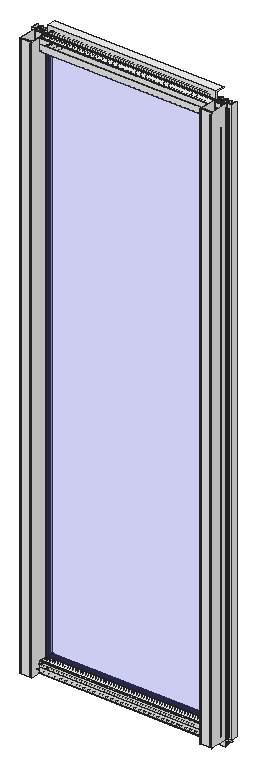
Revit family "Facade_60_Curtain_Wall_E11_Custom", category Windows, host Wall, Revit 2014 (continued)
Definition of nested family "F60 Vertical Profile Side_E11_Cust"
  Automatic sketch dimensions
    Extrusion 11 sketch curve to Extrusion 11 sketch curve = 1.079 mm
    Extrusion 11 sketch curve to Extrusion 11 sketch curve = 1.317 mm  (x2)
    Extrusion 11 sketch curve to Extrusion 11 sketch curve = 0 mm  (x3)
    plane 3 "Center (Left/Right)" to Extrusion 11 sketch curve = 3.85 mm
    Extrusion 11 sketch curve to Extrusion 11 sketch curve = 0.15 mm  (x2)
    Extrusion 11 sketch curve to Extrusion 11 sketch curve = 26 mm  (x2)
    Extrusion 11 sketch curve to Extrusion 11 sketch curve = 1.05 mm
    Extrusion 11 sketch curve to Extrusion 11 sketch curve = 0.707 mm
    Extrusion 11 sketch curve to Extrusion 11 sketch curve = 0.433 mm
    plane 1 "Center (Front/Back)" to Extrusion 11 sketch curve = 31.288 mm
    plane 1 "Center (Front/Back)" to Extrusion 11 sketch curve = 28.065 mm
    Extrusion 11 sketch curve to Extrusion 11 sketch curve = 1.314 mm
    Extrusion 11 sketch curve to Extrusion 11 sketch curve = 0.65 mm
    Extrusion 11 sketch curve to Extrusion 11 sketch curve = 0.5 mm  (x2)
    plane 1 "Center (Front/Back)" to Extrusion 11 sketch curve = 32.75 mm
    Extrusion 11 sketch curve to Extrusion 11 sketch curve = 0.1 mm  (x3)
    Extrusion 11 sketch curve to Extrusion 11 sketch curve = 1.1 mm  (x2)
    Extrusion 11 sketch curve to Extrusion 11 sketch curve = 8.608 mm
    Extrusion 11 sketch curve to Extrusion 11 sketch curve = 0.962 mm
    Extrusion 12 sketch curve to plane 3 "Center (Left/Right)" = 21.349 mm
    Extrusion 12 sketch curve to Extrusion 12 sketch curve = 6.35 mm
    plane 3 "Center (Left/Right)" to Extrusion 12 sketch curve = 10.403 mm
    plane 1 "Center (Front/Back)" to Extrusion 12 sketch curve = 35.567 mm
    plane 1 "Center (Front/Back)" to Extrusion 12 sketch curve = 10.171 mm
    plane 1 "Center (Front/Back)" to Extrusion 12 sketch curve = 3.821 mm
    Extrusion 13 sketch curve to plane 3 "Center (Left/Right)" = 21.35 mm
    Extrusion 13 sketch curve to Extrusion 13 sketch curve = 6.35 mm
    plane 3 "Center (Left/Right)" to Extrusion 13 sketch curve = 10.402 mm
    plane 1 "Center (Front/Back)" to Extrusion 13 sketch curve = 33.172 mm
    plane 1 "Center (Front/Back)" to Extrusion 13 sketch curve = 7.775 mm
    plane 1 "Center (Front/Back)" to Extrusion 13 sketch curve = 1.425 mm
    Extrusion 14 sketch curve to plane 3 "Center (Left/Right)" = 0 mm
    plane 3 "Center (Left/Right)" to Extrusion 14 sketch curve = 1.2 mm
    Extrusion 14 sketch curve to Extrusion 14 sketch curve = 9.6 mm
    Extrusion 14 sketch curve to Extrusion 14 sketch curve = 1.2 mm  (x3)
    plane 1 "Center (Front/Back)" to Extrusion 14 sketch curve = 25.775 mm
    plane 1 "Center (Front/Back)" to Extrusion 14 sketch curve = 8.975 mm
    curve 4 to Extrusion 6 = 0 mm
    curve 3 to Extrusion 6 = 0 mm
    curve 1 to Extrusion 6 = 0 mm
    curve 4 to Extrusion 6 = 3.6 mm
    curve 3 to Extrusion 6 = 3.6 mm
    curve 1 to Extrusion 6 = 3.6 mm
    Extrusion 6 to curve 2 = 1 mm
    Extrusion 6 to curve 5 = 1 mm
    Extrusion 6 to curve 6 = 1 mm
    curve 6 to Extrusion 6 = 1 mm
    curve 5 to Extrusion 6 = 1 mm
    curve 2 to Extrusion 6 = 1 mm
    curve 9 to Extrusion 6 = 0 mm
    curve 8 to Extrusion 6 = 0 mm
    curve 7 to Extrusion 6 = 0 mm
    Extrusion 6 to curve 8 = 3.6 mm
    Extrusion 6 to curve 9 = 3.6 mm
    Extrusion 6 to curve 7 = 3.6 mm
    curve 12 to Extrusion 5 = 25.894 mm
    curve 11 to Extrusion 5 = 25.894 mm
    curve 10 to Extrusion 5 = 25.894 mm
    curve 10 to Extrusion 5 = 0.108 mm
    Extrusion 5 to curve 12 = 0.703 mm
    Extrusion 5 to curve 11 = 0.703 mm
    curve 13 to Extrusion 5 = 4 mm
    curve 14 to Extrusion 5 = 4 mm
    curve 15 to Extrusion 5 = 4 mm
    Extrusion 5 to curve 15 = 0.702 mm
    Extrusion 5 to curve 14 = 0.702 mm
    Extrusion 5 to curve 13 = 0.702 mm
    curve 18 to Extrusion 7 = 0 mm
    curve 17 to Extrusion 7 = 0 mm
    curve 16 to Extrusion 7 = 0 mm
    Extrusion 7 to curve 17 = 3.6 mm
    Extrusion 7 to curve 18 = 3.6 mm
    Extrusion 7 to curve 16 = 3.6 mm
    Extrusion 7 to curve 21 = 1 mm  (x2)
    Extrusion 7 to curve 20 = 1 mm  (x2)
    Extrusion 7 to curve 19 = 1 mm  (x2)
    curve 24 to Extrusion 7 = 0 mm
    curve 23 to Extrusion 7 = 0 mm
    curve 22 to Extrusion 7 = 0 mm
    curve 24 to Extrusion 7 = 3.6 mm
    curve 23 to Extrusion 7 = 3.6 mm
    curve 22 to Extrusion 7 = 3.6 mm
    curve 27 to Extrusion 8 = 0 mm
    curve 26 to Extrusion 8 = 0 mm
    curve 25 to Extrusion 8 = 0 mm
    Extrusion 8 to curve 26 = 3.6 mm
    Extrusion 8 to curve 27 = 3.6 mm
    Extrusion 8 to curve 25 = 3.6 mm
    Extrusion 8 to curve 30 = 0.221 mm
    Extrusion 8 to curve 29 = 0.221 mm
    Extrusion 8 to curve 28 = 0.221 mm
    curve 29 to Extrusion 8 = 0.222 mm
    curve 30 to Extrusion 8 = 0.222 mm
    curve 28 to Extrusion 8 = 0.222 mm
    curve 33 to Extrusion 8 = 0 mm
    curve 32 to Extrusion 8 = 0 mm
    curve 31 to Extrusion 8 = 0 mm
    curve 33 to Extrusion 8 = 3.6 mm
    curve 32 to Extrusion 8 = 3.6 mm
    curve 31 to Extrusion 8 = 3.6 mm
    curve 34 to Extrusion 11 = 4.016 mm
    curve 35 to Extrusion 11 = 4.016 mm
    curve 36 to Extrusion 11 = 3.97 mm
    Extrusion 11 to curve 36 = 0.637 mm
    Extrusion 11 to curve 35 = 0.637 mm
    Extrusion 11 to curve 34 = 0.637 mm
    curve 37 to Extrusion 11 = 29.221 mm
    curve 38 to Extrusion 11 = 29.221 mm
    curve 39 to Extrusion 11 = 29.221 mm
    Extrusion 11 to curve 39 = 3.222 mm
    Extrusion 11 to curve 38 = 3.222 mm
    Extrusion 11 to curve 37 = 3.222 mm
Definition of nested family "F60 Horizontal Profile Top_E11_Cust"
  Parameters (values of type "F60 Horizontal Profile Top")
    Thermal Break Material [instance] = none
    Single Glazing [instance] = yes
    Profile Material [instance] = none
    Length [instance] = 250 mm
    Double Glazing [instance] = yes
  Reference planes
    plane 1 "Center (Front/Back)": y = 0
    plane 2: z = 0
    plane 3 "Center (Left/Right)": x = 0
  Forms (mm)
    Extrusion 1, solid, material <- "Profile Material"
      sketch origin (0, 0, 0) x (0, 1, 0) y (0, 0, 1)
        loop
          line (-9.94, 7.845) -> (-8.37, 6.275) -> (-1.2, 10.415) -> (-1.2, 1.2) -> (-5, 1.2) -> (-5, 0) -> (-1, 0)
          arc (-1, 0) -> (-0.293, 0.293) -> (0, 1) r 1
          line (0, 1) -> (0, 30) -> (0, 59)
          arc (0, 59) -> (-0.293, 59.707) -> (-1, 60) r 1
          line (-1, 60) -> (-5, 60) -> (-5, 58.8) -> (-1.2, 58.8) -> (-1.2, 49.585) -> (-8.37, 53.725) -> (-9.94, 52.155)
          arc (-9.94, 52.155) -> (-9.902, 51.269) -> (-9.016, 51.232) r 0.655
          line (-9.016, 51.232) -> (-8.077, 52.17) -> (-1.2, 48.2) -> (-1.2, 30) -> (-1.2, 11.8) -> (-8.077, 7.83) -> (-9.016, 8.768)
          arc (-9.016, 8.768) -> (-9.902, 8.731) -> (-9.94, 7.845) r 0.655
      from 0 to 250 <- "Length"
    Extrusion 2, solid, material <- "Profile Material"
      sketch origin (0, 0, 0) x (0, 1, 0) y (0, 0, 1)
        loop
          line (-5, 60) -> (-44.6, 60) -> (-44.6, 58.35) -> (-39.944, 58.35) -> (-39.944, 1.65) -> (-44.6, 1.65) -> (-44.6, 0) -> (-5, 0) -> (-5, 2.2) -> (-4.2, 2.2) -> (-4.2, 3.018)
          arc (-4.2, 3.018) -> (-4.352, 3.783) -> (-4.786, 4.432) r 2
          line (-4.786, 4.432) -> (-7.054, 6.7) -> (-8, 6.489) -> (-8, 5.7) -> (-7.205, 5.7) -> (-7.205, 2.95) -> (-8, 2.95) -> (-8, 1.95) -> (-12.752, 1.95) -> (-12.752, 6.7) -> (-14.152, 6.7) -> (-14.152, 1.65) -> (-38.65, 1.65) -> (-38.65, 8.33) -> (-37.097, 8.33) -> (-34.666, 6.973)
          arc (-34.666, 6.973) -> (-33.846, 7.192) -> (-34.066, 8.012) r 0.6
          line (-34.066, 8.012) -> (-37.128, 9.78) -> (-38.65, 9.78) -> (-38.65, 12.65) -> (-37.6, 13.7) -> (-37.6, 20.3) -> (-38.65, 21.35) -> (-38.65, 38.65) -> (-37.6, 39.7) -> (-37.6, 46.3) -> (-38.65, 47.35) -> (-38.65, 50.22) -> (-37.128, 50.22) -> (-34.066, 51.988)
          arc (-34.066, 51.988) -> (-33.846, 52.808) -> (-34.666, 53.027) r 0.6
          line (-34.666, 53.027) -> (-37.032, 51.661) -> (-38.65, 51.661) -> (-38.65, 58.35) -> (-14.152, 58.35) -> (-14.152, 53.3) -> (-12.752, 53.3) -> (-12.752, 58.05) -> (-8, 58.05) -> (-8, 57.05) -> (-7.205, 57.05) -> (-7.205, 54.3) -> (-8, 54.3) -> (-8, 53.511) -> (-7.054, 53.3) -> (-4.786, 55.568)
          arc (-4.786, 55.568) -> (-4.352, 56.217) -> (-4.2, 56.982) r 2
          line (-4.2, 56.982) -> (-4.2, 57.8) -> (-5, 57.8) -> (-5, 60)
      from 0 to 250 <- "Length"
    Extrusion 3, solid, material <- "Thermal Break Material"
      sketch origin (0, 0, 0) x (0, 1, 0) y (0, 0, 1)
        loop
          line (-40, 1.75) -> (-40, 30) -> (-40, 58.25) -> (-44.6, 58.25) -> (-44.6, 60) -> (-45.9, 60) -> (-45.9, 53.65) -> (-41.788, 53.65)
          arc (-41.788, 53.65) -> (-41.363, 53.474) -> (-41.187, 53.05) r 0.6
          line (-41.187, 53.05) -> (-41.187, 30) -> (-41.187, 6.95)
          arc (-41.187, 6.95) -> (-41.363, 6.526) -> (-41.788, 6.35) r 0.6
          line (-41.788, 6.35) -> (-45.9, 6.35) -> (-45.9, 0) -> (-44.6, 0) -> (-44.6, 1.75) -> (-40, 1.75)
      from 0 to 250 <- "Length"
    Extrusion 4, solid, material <- "Profile Material"
      sketch origin (0, 0, 0) x (0, 1, 0) y (0, 0, 1)
        loop
          line (-58.5, 25.249) -> (-43.6, 25.249)
          arc (-43.6, 25.249) -> (-43.034, 25.015) -> (-42.8, 24.449) r 0.8
          line (-42.8, 24.449) -> (-42.8, 7.9) -> (-44.4, 7.9) -> (-44.4, 9.45) -> (-45.25, 9.45)
          arc (-45.25, 9.45) -> (-45.674, 9.274) -> (-45.85, 8.85) r 0.6
          line (-45.85, 8.85) -> (-45.85, 7.9) -> (-48.8, 7.9)
          arc (-48.8, 7.9) -> (-49.3, 8.4) -> (-49.8, 7.9) r 0.5
          line (-49.8, 7.9) -> (-49.8, 5.55) -> (-48.65, 5.55) -> (-48.65, 6.7) -> (-47.35, 6.7) -> (-47.35, 1.2) -> (-48.65, 1.2) -> (-48.65, 2.35) -> (-49.8, 2.35) -> (-49.8, 0.5)
          arc (-49.8, 0.5) -> (-49.654, 0.146) -> (-49.3, 0) r 0.5
          line (-49.3, 0) -> (-45.9, 0) -> (-45.9, 6.45) -> (-42.2, 6.45)
          arc (-42.2, 6.45) -> (-41.634, 6.684) -> (-41.4, 7.25) r 0.8
          line (-41.4, 7.25) -> (-41.4, 30) -> (-41.4, 52.75)
          arc (-41.4, 52.75) -> (-41.634, 53.316) -> (-42.2, 53.55) r 0.8
          line (-42.2, 53.55) -> (-45.9, 53.55) -> (-45.9, 60) -> (-49.3, 60)
          arc (-49.3, 60) -> (-49.654, 59.854) -> (-49.8, 59.5) r 0.5
          line (-49.8, 59.5) -> (-49.8, 57.65) -> (-48.65, 57.65) -> (-48.65, 58.8) -> (-47.35, 58.8) -> (-47.35, 53.3) -> (-48.65, 53.3) -> (-48.65, 54.45) -> (-49.8, 54.45) -> (-49.8, 52.1)
          arc (-49.8, 52.1) -> (-49.3, 51.6) -> (-48.8, 52.1) r 0.5
          line (-48.8, 52.1) -> (-45.85, 52.1) -> (-45.85, 51.15)
          arc (-45.85, 51.15) -> (-45.674, 50.726) -> (-45.25, 50.55) r 0.6
          line (-45.25, 50.55) -> (-44.4, 50.55) -> (-44.4, 52.1) -> (-42.8, 52.1) -> (-42.8, 35.551)
          arc (-42.8, 35.551) -> (-43.034, 34.985) -> (-43.6, 34.751) r 0.8
          line (-43.6, 34.751) -> (-58.5, 34.751)
          arc (-58.5, 34.751) -> (-59.066, 34.516) -> (-59.3, 33.951) r 0.8
          line (-59.3, 33.951) -> (-59.3, 32.902) -> (-42.8, 32.902) -> (-42.8, 27.1) -> (-59.3, 27.1) -> (-59.3, 26.049)
          arc (-59.3, 26.049) -> (-59.066, 25.484) -> (-58.5, 25.249) r 0.8
      from 0 to 250 <- "Length"
    Extrusion 5, solid, material <- "Thermal Break Material", visible <- "Single Glazing"
      sketch origin (0, 0, 0) x (0, 1, 0) y (0, 0, 1)
        loop
          arc (-63.8, 25.751) -> (-63.654, 25.397) -> (-63.3, 25.251) r 0.5
          line (-63.3, 25.251) -> (-59.8, 25.251)
          arc (-59.8, 25.251) -> (-59.446, 25.397) -> (-59.3, 25.751) r 0.5
          line (-59.3, 25.751) -> (-59.3, 27.648) -> (-49.599, 27.648) -> (-47.528, 28.651)
          arc (-47.528, 28.651) -> (-46.803, 30.001) -> (-47.528, 31.351) r 1.62
          line (-47.528, 31.351) -> (-49.599, 32.353) -> (-59.3, 32.353) -> (-59.3, 34.251)
          arc (-59.3, 34.251) -> (-59.446, 34.604) -> (-59.8, 34.751) r 0.5
          line (-59.8, 34.751) -> (-63.3, 34.751)
          arc (-63.3, 34.751) -> (-63.654, 34.604) -> (-63.8, 34.251) r 0.5
          line (-63.8, 34.251) -> (-63.8, 32.328) -> (-62.4, 31.52) -> (-62.4, 28.483) -> (-63.8, 27.673) -> (-63.8, 25.751)
        loop
          line (-59.794, 28.506) -> (-59.006, 29.294)
          arc (-59.006, 29.294) -> (-58.788, 29.618) -> (-58.713, 30.001) r 0.986
          arc (-58.713, 30.001) -> (-58.79, 30.384) -> (-59.008, 30.71) r 1.007
          line (-59.008, 30.71) -> (-59.794, 31.496) -> (-60.65, 31.496)
          arc (-60.65, 31.496) -> (-61.004, 31.349) -> (-61.15, 30.996) r 0.5
          line (-61.15, 30.996) -> (-61.15, 29.006)
          arc (-61.15, 29.006) -> (-61.004, 28.652) -> (-60.65, 28.506) r 0.5
          line (-60.65, 28.506) -> (-59.794, 28.506)
        loop
          line (-47.854, 30.898) -> (-49.415, 31.653) -> (-56.782, 31.653)
          arc (-56.782, 31.653) -> (-57.207, 31.417) -> (-57.23, 30.932) r 0.5
          arc (-57.23, 30.932) -> (-57.013, 30.001) -> (-57.23, 29.07) r 2.099
          arc (-57.23, 29.07) -> (-57.207, 28.584) -> (-56.782, 28.348) r 0.5
          line (-56.782, 28.348) -> (-49.415, 28.348) -> (-48.055, 29.007)
          arc (-48.055, 29.007) -> (-47.35, 29.888) -> (-47.854, 30.898) r 1.047
      from 0 to 250 <- "Length"
    Extrusion 6, solid, material <- "Profile Material", visible <- "Single Glazing"
      sketch origin (0, 0, 0) x (0, 1, 0) y (0, 0, 1)
        loop
          line (-63.8, 52.694) -> (-64.8, 52.694) -> (-64.8, 51.544) -> (-66.05, 51.544) -> (-66.05, 57.044) -> (-64.8, 57.044) -> (-64.8, 55.894) -> (-63.8, 55.894) -> (-63.8, 58.294)
          arc (-63.8, 58.294) -> (-64.082, 58.803) -> (-64.664, 58.835) r 0.6
          line (-64.664, 58.835) -> (-66.562, 57.91) -> (-67.088, 58.988) -> (-68.05, 58.519) -> (-68.05, 48.513)
          arc (-68.05, 48.513) -> (-67.874, 48.089) -> (-67.45, 47.913) r 0.6
          line (-67.45, 47.913) -> (-66.6, 47.913) -> (-66.6, 12.09) -> (-67.45, 12.09)
          arc (-67.45, 12.09) -> (-67.874, 11.914) -> (-68.05, 11.49) r 0.6
          line (-68.05, 11.49) -> (-68.05, 1.485) -> (-67.088, 1.016) -> (-66.562, 2.095) -> (-64.663, 1.169)
          arc (-64.663, 1.169) -> (-64.082, 1.2) -> (-63.8, 1.709) r 0.6
          line (-63.8, 1.709) -> (-63.8, 4.109) -> (-64.8, 4.109) -> (-64.8, 2.959) -> (-66.05, 2.959) -> (-66.05, 8.459) -> (-64.8, 8.459) -> (-64.8, 7.309) -> (-63.8, 7.309) -> (-63.8, 27.674) -> (-62.4, 28.483) -> (-62.4, 31.521) -> (-63.8, 32.329) -> (-63.8, 52.694)
      from 0 to 250 <- "Length"
    Extrusion 7, solid, material <- "Profile Material", visible <- "Single Glazing"
      sketch origin (0, 0, 0) x (0, 1, 0) y (0, 0, 1)
        loop
          line (-68.551, 3.3) -> (-76.559, 3.3) -> (-76.559, 30) -> (-76.559, 56.15)
          arc (-76.559, 56.15) -> (-75.739, 58.13) -> (-73.759, 58.95) r 2.8
          line (-73.759, 58.95) -> (-69.151, 58.95) -> (-69.151, 57.2)
          arc (-69.151, 57.2) -> (-68.987, 56.829) -> (-68.601, 56.703) r 0.5
          arc (-68.601, 56.703) -> (-68.216, 56.829) -> (-68.051, 57.2) r 0.5
          line (-68.051, 57.2) -> (-68.051, 58.517) -> (-67.089, 58.986) -> (-66.563, 57.907) -> (-63.866, 59.222)
          arc (-63.866, 59.222) -> (-64.001, 59.762) -> (-64.504, 60) r 0.65
          line (-64.504, 60) -> (-73.859, 60)
          arc (-73.859, 60) -> (-76.687, 58.828) -> (-77.859, 56) r 4
          line (-77.859, 56) -> (-77.859, 30) -> (-77.859, 2.493)
          arc (-77.859, 2.493) -> (-77.197, 0.799) -> (-75.562, 0.002) r 2.5
          arc (-75.562, 0.002) -> (-75.182, 0.132) -> (-75.021, 0.5) r 0.5
          line (-75.021, 0.5) -> (-75.021, 2) -> (-69.151, 2) -> (-69.151, 0.5)
          arc (-69.151, 0.5) -> (-69.005, 0.146) -> (-68.651, 0) r 0.5
          line (-68.651, 0) -> (-64.504, 0)
          arc (-64.504, 0) -> (-64.001, 0.238) -> (-63.866, 0.778) r 0.65
          line (-63.866, 0.778) -> (-66.563, 2.093) -> (-67.089, 1.014) -> (-68.051, 1.483) -> (-68.051, 2.8)
          arc (-68.051, 2.8) -> (-68.198, 3.154) -> (-68.551, 3.3) r 0.5
      from 0 to 250 <- "Length"
    Extrusion 8, solid, material <- "Thermal Break Material", visible <- "Double Glazing"
      sketch origin (0, 0, 0) x (0, 1, 0) y (0, 0, 1)
        loop
          line (-77.8, 27.673) -> (-77.8, 25.751)
          arc (-77.8, 25.751) -> (-77.654, 25.397) -> (-77.3, 25.251) r 0.5
          line (-77.3, 25.251) -> (-59.8, 25.251)
          arc (-59.8, 25.251) -> (-59.446, 25.397) -> (-59.3, 25.751) r 0.5
          line (-59.3, 25.751) -> (-59.3, 27.647) -> (-49.599, 27.647) -> (-47.528, 28.649)
          arc (-47.528, 28.649) -> (-46.803, 29.999) -> (-47.528, 31.349) r 1.62
          line (-47.528, 31.349) -> (-49.602, 32.353) -> (-59.3, 32.353) -> (-59.3, 34.251)
          arc (-59.3, 34.251) -> (-59.446, 34.604) -> (-59.8, 34.751) r 0.5
          line (-59.8, 34.751) -> (-77.3, 34.751)
          arc (-77.3, 34.751) -> (-77.654, 34.604) -> (-77.8, 34.251) r 0.5
          line (-77.8, 34.251) -> (-77.8, 32.327) -> (-76.4, 31.52) -> (-76.4, 28.482) -> (-77.8, 27.673)
        loop
          line (-59.006, 30.708) -> (-61.156, 32.858)
          arc (-61.156, 32.858) -> (-61.48, 33.074) -> (-61.863, 33.151) r 1
          line (-61.863, 33.151) -> (-73.8, 33.151)
          arc (-73.8, 33.151) -> (-74.507, 32.858) -> (-74.8, 32.151) r 1
          line (-74.8, 32.151) -> (-74.8, 27.851)
          arc (-74.8, 27.851) -> (-74.507, 27.144) -> (-73.8, 26.851) r 1
          line (-73.8, 26.851) -> (-61.863, 26.851)
          arc (-61.863, 26.851) -> (-61.48, 26.927) -> (-61.156, 27.144) r 1
          line (-61.156, 27.144) -> (-59.006, 29.294)
          arc (-59.006, 29.294) -> (-58.788, 29.618) -> (-58.713, 30.001) r 0.986
          arc (-58.713, 30.001) -> (-58.79, 30.383) -> (-59.006, 30.708) r 1.007
        loop
          line (-56.782, 28.347) -> (-49.415, 28.347) -> (-48.055, 29.005)
          arc (-48.055, 29.005) -> (-47.35, 29.887) -> (-47.854, 30.896) r 1.047
          line (-47.854, 30.896) -> (-49.415, 31.652) -> (-56.782, 31.652)
          arc (-56.782, 31.652) -> (-57.207, 31.416) -> (-57.23, 30.93) r 0.5
          arc (-57.23, 30.93) -> (-57.013, 29.999) -> (-57.23, 29.068) r 2.099
          arc (-57.23, 29.068) -> (-57.207, 28.583) -> (-56.782, 28.347) r 0.5
      from 0 to 250 <- "Length"
    Extrusion 9, solid, material <- "Profile Material", visible <- "Double Glazing"
      sketch origin (0, 0, 0) x (0, 1, 0) y (0, 0, 1)
        loop
          line (-77.8, 52.694) -> (-78.8, 52.694) -> (-78.8, 51.544) -> (-80.05, 51.544) -> (-80.05, 57.044) -> (-78.8, 57.044) -> (-78.8, 55.894) -> (-77.8, 55.894) -> (-77.8, 58.294)
          arc (-77.8, 58.294) -> (-78.082, 58.802) -> (-78.664, 58.834) r 0.6
          line (-78.664, 58.834) -> (-80.562, 57.909) -> (-81.088, 58.988) -> (-82.05, 58.518) -> (-82.05, 48.512)
          arc (-82.05, 48.512) -> (-81.874, 48.088) -> (-81.45, 47.912) r 0.6
          line (-81.45, 47.912) -> (-80.6, 47.912) -> (-80.6, 12.089) -> (-81.45, 12.089)
          arc (-81.45, 12.089) -> (-81.874, 11.913) -> (-82.05, 11.489) r 0.6
          line (-82.05, 11.489) -> (-82.05, 1.484) -> (-81.088, 1.015) -> (-80.562, 2.094) -> (-78.663, 1.169)
          arc (-78.663, 1.169) -> (-78.082, 1.199) -> (-77.8, 1.708) r 0.6
          line (-77.8, 1.708) -> (-77.8, 4.108) -> (-78.8, 4.108) -> (-78.8, 2.958) -> (-80.05, 2.958) -> (-80.05, 8.458) -> (-78.8, 8.458) -> (-78.8, 7.308) -> (-77.8, 7.308) -> (-77.8, 27.673) -> (-76.4, 28.482) -> (-76.4, 31.52) -> (-77.8, 32.328) -> (-77.8, 52.694)
      from 0 to 250 <- "Length"
    Extrusion 10, solid, material <- "Profile Material", visible <- "Double Glazing"
      sketch origin (0, 0, 0) x (0, 1, 0) y (0, 0, 1)
        loop
          line (-82.551, 3.3) -> (-90.558, 3.3) -> (-90.558, 30) -> (-90.558, 56.15)
          arc (-90.558, 56.15) -> (-89.738, 58.13) -> (-87.758, 58.95) r 2.8
          line (-87.758, 58.95) -> (-83.151, 58.95) -> (-83.151, 57.2)
          arc (-83.151, 57.2) -> (-82.986, 56.829) -> (-82.601, 56.703) r 0.5
          arc (-82.601, 56.703) -> (-82.215, 56.829) -> (-82.051, 57.2) r 0.5
          line (-82.051, 57.2) -> (-82.051, 58.517) -> (-81.088, 58.986) -> (-80.563, 57.907) -> (-77.866, 59.222)
          arc (-77.866, 59.222) -> (-78, 59.762) -> (-78.503, 60) r 0.65
          line (-78.503, 60) -> (-87.858, 60)
          arc (-87.858, 60) -> (-90.687, 58.828) -> (-91.858, 56) r 4
          line (-91.858, 56) -> (-91.858, 30) -> (-91.858, 2.493)
          arc (-91.858, 2.493) -> (-91.196, 0.799) -> (-89.561, 0.002) r 2.5
          arc (-89.561, 0.002) -> (-89.182, 0.132) -> (-89.021, 0.5) r 0.5
          line (-89.021, 0.5) -> (-89.021, 2) -> (-83.151, 2) -> (-83.151, 0.5)
          arc (-83.151, 0.5) -> (-83.004, 0.146) -> (-82.651, 0) r 0.5
          line (-82.651, 0) -> (-78.503, 0)
          arc (-78.503, 0) -> (-78, 0.238) -> (-77.866, 0.778) r 0.65
          line (-77.866, 0.778) -> (-80.563, 2.093) -> (-81.088, 1.014) -> (-82.051, 1.483) -> (-82.051, 2.8)
          arc (-82.051, 2.8) -> (-82.197, 3.154) -> (-82.551, 3.3) r 0.5
      from 0 to 250 <- "Length"
    Extrusion 11, solid, material <- "Profile Material", visible <- "Double Glazing"
      sketch origin (0, 0, 0) x (0, 1, 0) y (0, 0, 1)
        loop
          line (-57.8, 45.73) -> (-51.8, 45.73) -> (-51.8, 95.73) -> (-101.8, 95.73) -> (-101.8, 89.73) -> (-57.8, 89.73) -> (-57.8, 45.73)
      from 0 to 250 <- "Length"
    Extrusion 12, solid, material <- "Profile Material", visible <- "Double Glazing"
      sketch origin (0, 0, 0) x (0, 1, 0) y (0, 0, 1)
        loop
          line (-75.8, 48) -> (-57.8, 48) -> (-57.8, 60) -> (-75.8, 60) -> (-75.8, 48)
        loop
          line (-74.6, 49.2) -> (-59, 49.2) -> (-59, 58.8) -> (-74.6, 58.8) -> (-74.6, 49.2)
      from 0 to 250 <- "Length"
    Extrusion 13, solid, material <- "Profile Material", visible <- "Single Glazing"
      sketch origin (0, 0, 0) x (0, 1, 0) y (0, 0, 1)
        loop
          line (-59.8, 45.865) -> (-53.8, 45.865) -> (-53.8, 95.865) -> (-103.8, 95.865) -> (-103.8, 89.865) -> (-59.8, 89.865) -> (-59.8, 45.865)
      from 0 to 250 <- "Length"
  Dimensions and locks
    aligned and locked: level to plane 2
Definition of nested family "F60 Sill_E11_Cust"
  Parameters (values of type "F60 Sill")
    Profile Material [instance] = none
    Length Sill [instance] = 250 mm
  Reference planes
    plane 1 "Center (Front/Back)": y = 0
    plane 2: z = 0
    plane 3 "Center (Left/Right)": x = 0
  Forms (mm)
    Extrusion 1, solid, material <- "Profile Material"
      sketch origin (0, 0, 0) x (0, 1, 0) y (0, 0, 1)
        loop
          line (-42.734, 5.324) -> (-48.256, 4.643)
          arc (-48.256, 4.643) -> (-49.196, 4.147) -> (-49.572, 3.154) r 1.5
          line (-49.572, 3.154) -> (-49.572, 1.88) -> (-47.772, 1.88) -> (-47.772, 3.191) -> (-19.233, 6.714)
          arc (-19.233, 6.714) -> (-17.924, 7.083) -> (-16.785, 7.826) r 4.5
          line (-16.785, 7.826) -> (-16.785, 1.88) -> (-15.285, 1.88) -> (-15.285, 24.58)
          arc (-15.285, 24.58) -> (-15.109, 25.004) -> (-14.685, 25.18) r 0.6
          line (-14.685, 25.18) -> (-4.072, 25.18) -> (-4.072, 1.88) -> (-2.572, 1.88) -> (-2.572, 29.88) -> (-4.072, 29.88) -> (-4.072, 28.88) -> (-5.222, 28.88) -> (-5.222, 27.68) -> (-4.072, 27.68) -> (-4.072, 26.38) -> (-9.572, 26.38) -> (-9.572, 27.68) -> (-8.422, 27.68) -> (-8.422, 28.88) -> (-10.172, 28.88)
          arc (-10.172, 28.88) -> (-10.597, 28.704) -> (-10.772, 28.28) r 0.6
          line (-10.772, 28.28) -> (-10.772, 26.38) -> (-15.285, 26.38)
          arc (-15.285, 26.38) -> (-16.345, 25.941) -> (-16.785, 24.88) r 1.5
          line (-16.785, 24.88) -> (-16.785, 11.18)
          arc (-16.785, 11.18) -> (-17.537, 9.193) -> (-19.417, 8.203) r 3
          line (-19.417, 8.203) -> (-39.35, 5.742)
          arc (-39.35, 5.742) -> (-40.527, 6.107) -> (-41.034, 7.231) r 1.5
          line (-41.034, 7.231) -> (-41.034, 19.996)
          arc (-41.034, 19.996) -> (-40.883, 20.394) -> (-40.507, 20.592) r 0.6
          line (-40.507, 20.592) -> (-32.917, 21.529)
          arc (-32.917, 21.529) -> (-31.977, 22.024) -> (-31.601, 23.017) r 1.5
          line (-31.601, 23.017) -> (-31.601, 28.88) -> (-33.101, 28.88) -> (-33.101, 23.548)
          arc (-33.101, 23.548) -> (-33.251, 23.15) -> (-33.627, 22.952) r 0.6
          line (-33.627, 22.952) -> (-45.787, 21.451)
          arc (-45.787, 21.451) -> (-46.727, 20.956) -> (-47.104, 19.962) r 1.5
          line (-47.104, 19.962) -> (-47.104, 19.054)
          arc (-47.104, 19.054) -> (-46.957, 18.7) -> (-46.604, 18.554) r 0.5
          line (-46.604, 18.554) -> (-45.604, 18.554) -> (-45.604, 19.962) -> (-42.734, 20.317) -> (-42.734, 5.324)
      from 0 to 250 <- "Length Sill"
  Dimensions and locks
    aligned and locked: level to plane 2
Definition of nested family "F60 Horizontal Profile Bottom_E11_Cust"
  Parameters (values of type "F60 Horizontal Profile Bottom")
    Thermal Break Material [instance] = none
    Single Glazing [instance] = yes
    Profile Material [instance] = none
    Length [instance] = 250 mm
    Double Glazing [instance] = yes
  Reference planes
    plane 1 "Center (Front/Back)": y = 0
    plane 2: z = 0
    plane 3 "Center (Left/Right)": x = 0
  Forms (mm)
    Extrusion 1, solid, material <- "Profile Material"
      sketch origin (0, 0, 0) x (0, 1, 0) y (0, 0, 1)
        loop
          line (-9.94, 7.845) -> (-8.37, 6.275) -> (-1.2, 10.415) -> (-1.2, 1.2) -> (-5, 1.2) -> (-5, 0) -> (-1, 0)
          arc (-1, 0) -> (-0.293, 0.293) -> (0, 1) r 1
          line (0, 1) -> (0, 30) -> (0, 59)
          arc (0, 59) -> (-0.293, 59.707) -> (-1, 60) r 1
          line (-1, 60) -> (-5, 60) -> (-5, 58.8) -> (-1.2, 58.8) -> (-1.2, 49.585) -> (-8.37, 53.725) -> (-9.94, 52.155)
          arc (-9.94, 52.155) -> (-9.902, 51.269) -> (-9.016, 51.232) r 0.655
          line (-9.016, 51.232) -> (-8.077, 52.17) -> (-1.2, 48.2) -> (-1.2, 30) -> (-1.2, 11.8) -> (-8.077, 7.83) -> (-9.016, 8.768)
          arc (-9.016, 8.768) -> (-9.902, 8.731) -> (-9.94, 7.845) r 0.655
      from 0 to 250 <- "Length"
    Extrusion 2, solid, material <- "Profile Material"
      sketch origin (0, 0, 0) x (0, 1, 0) y (0, 0, 1)
        loop
          line (-5, 60) -> (-44.6, 60) -> (-44.6, 58.35) -> (-39.944, 58.35) -> (-39.944, 1.65) -> (-44.6, 1.65) -> (-44.6, 0) -> (-5, 0) -> (-5, 2.2) -> (-4.2, 2.2) -> (-4.2, 3.018)
          arc (-4.2, 3.018) -> (-4.352, 3.783) -> (-4.786, 4.432) r 2
          line (-4.786, 4.432) -> (-7.054, 6.7) -> (-8, 6.489) -> (-8, 5.7) -> (-7.205, 5.7) -> (-7.205, 2.95) -> (-8, 2.95) -> (-8, 1.95) -> (-12.752, 1.95) -> (-12.752, 6.7) -> (-14.152, 6.7) -> (-14.152, 1.65) -> (-38.65, 1.65) -> (-38.65, 8.33) -> (-37.097, 8.33) -> (-34.666, 6.973)
          arc (-34.666, 6.973) -> (-33.846, 7.192) -> (-34.066, 8.012) r 0.6
          line (-34.066, 8.012) -> (-37.128, 9.78) -> (-38.65, 9.78) -> (-38.65, 12.65) -> (-37.6, 13.7) -> (-37.6, 20.3) -> (-38.65, 21.35) -> (-38.65, 38.65) -> (-37.6, 39.7) -> (-37.6, 46.3) -> (-38.65, 47.35) -> (-38.65, 50.22) -> (-37.128, 50.22) -> (-34.066, 51.988)
          arc (-34.066, 51.988) -> (-33.846, 52.808) -> (-34.666, 53.027) r 0.6
          line (-34.666, 53.027) -> (-37.032, 51.661) -> (-38.65, 51.661) -> (-38.65, 58.35) -> (-14.152, 58.35) -> (-14.152, 53.3) -> (-12.752, 53.3) -> (-12.752, 58.05) -> (-8, 58.05) -> (-8, 57.05) -> (-7.205, 57.05) -> (-7.205, 54.3) -> (-8, 54.3) -> (-8, 53.511) -> (-7.054, 53.3) -> (-4.786, 55.568)
          arc (-4.786, 55.568) -> (-4.352, 56.217) -> (-4.2, 56.982) r 2
          line (-4.2, 56.982) -> (-4.2, 57.8) -> (-5, 57.8) -> (-5, 60)
      from 0 to 250 <- "Length"
    Extrusion 3, solid, material <- "Thermal Break Material"
      sketch origin (0, 0, 0) x (0, 1, 0) y (0, 0, 1)
        loop
          line (-40, 1.75) -> (-40, 30) -> (-40, 58.25) -> (-44.6, 58.25) -> (-44.6, 60) -> (-45.9, 60) -> (-45.9, 53.65) -> (-41.788, 53.65)
          arc (-41.788, 53.65) -> (-41.363, 53.474) -> (-41.187, 53.05) r 0.6
          line (-41.187, 53.05) -> (-41.187, 30) -> (-41.187, 6.95)
          arc (-41.187, 6.95) -> (-41.363, 6.526) -> (-41.788, 6.35) r 0.6
          line (-41.788, 6.35) -> (-45.9, 6.35) -> (-45.9, 0) -> (-44.6, 0) -> (-44.6, 1.75) -> (-40, 1.75)
      from 0 to 250 <- "Length"
    Extrusion 4, solid, material <- "Profile Material"
      sketch origin (0, 0, 0) x (0, 1, 0) y (0, 0, 1)
        loop
          line (-58.5, 25.249) -> (-43.6, 25.249)
          arc (-43.6, 25.249) -> (-43.034, 25.015) -> (-42.8, 24.449) r 0.8
          line (-42.8, 24.449) -> (-42.8, 7.9) -> (-44.4, 7.9) -> (-44.4, 9.45) -> (-45.25, 9.45)
          arc (-45.25, 9.45) -> (-45.674, 9.274) -> (-45.85, 8.85) r 0.6
          line (-45.85, 8.85) -> (-45.85, 7.9) -> (-48.8, 7.9)
          arc (-48.8, 7.9) -> (-49.3, 8.4) -> (-49.8, 7.9) r 0.5
          line (-49.8, 7.9) -> (-49.8, 5.55) -> (-48.65, 5.55) -> (-48.65, 6.7) -> (-47.35, 6.7) -> (-47.35, 1.2) -> (-48.65, 1.2) -> (-48.65, 2.35) -> (-49.8, 2.35) -> (-49.8, 0.5)
          arc (-49.8, 0.5) -> (-49.654, 0.146) -> (-49.3, 0) r 0.5
          line (-49.3, 0) -> (-45.9, 0) -> (-45.9, 6.45) -> (-42.2, 6.45)
          arc (-42.2, 6.45) -> (-41.634, 6.684) -> (-41.4, 7.25) r 0.8
          line (-41.4, 7.25) -> (-41.4, 30) -> (-41.4, 52.75)
          arc (-41.4, 52.75) -> (-41.634, 53.316) -> (-42.2, 53.55) r 0.8
          line (-42.2, 53.55) -> (-45.9, 53.55) -> (-45.9, 60) -> (-49.3, 60)
          arc (-49.3, 60) -> (-49.654, 59.854) -> (-49.8, 59.5) r 0.5
          line (-49.8, 59.5) -> (-49.8, 57.65) -> (-48.65, 57.65) -> (-48.65, 58.8) -> (-47.35, 58.8) -> (-47.35, 53.3) -> (-48.65, 53.3) -> (-48.65, 54.45) -> (-49.8, 54.45) -> (-49.8, 52.1)
          arc (-49.8, 52.1) -> (-49.3, 51.6) -> (-48.8, 52.1) r 0.5
          line (-48.8, 52.1) -> (-45.85, 52.1) -> (-45.85, 51.15)
          arc (-45.85, 51.15) -> (-45.674, 50.726) -> (-45.25, 50.55) r 0.6
          line (-45.25, 50.55) -> (-44.4, 50.55) -> (-44.4, 52.1) -> (-42.8, 52.1) -> (-42.8, 35.551)
          arc (-42.8, 35.551) -> (-43.034, 34.985) -> (-43.6, 34.751) r 0.8
          line (-43.6, 34.751) -> (-58.5, 34.751)
          arc (-58.5, 34.751) -> (-59.066, 34.516) -> (-59.3, 33.951) r 0.8
          line (-59.3, 33.951) -> (-59.3, 32.902) -> (-42.8, 32.902) -> (-42.8, 27.1) -> (-59.3, 27.1) -> (-59.3, 26.049)
          arc (-59.3, 26.049) -> (-59.066, 25.484) -> (-58.5, 25.249) r 0.8
      from 0 to 250 <- "Length"
    Extrusion 5, solid, material <- "Thermal Break Material", visible <- "Single Glazing"
      sketch origin (0, 0, 0) x (0, 1, 0) y (0, 0, 1)
        loop
          arc (-63.8, 25.751) -> (-63.654, 25.397) -> (-63.3, 25.251) r 0.5
          line (-63.3, 25.251) -> (-59.8, 25.251)
          arc (-59.8, 25.251) -> (-59.446, 25.397) -> (-59.3, 25.751) r 0.5
          line (-59.3, 25.751) -> (-59.3, 27.648) -> (-49.599, 27.648) -> (-47.528, 28.651)
          arc (-47.528, 28.651) -> (-46.803, 30.001) -> (-47.528, 31.351) r 1.62
          line (-47.528, 31.351) -> (-49.599, 32.353) -> (-59.3, 32.353) -> (-59.3, 34.251)
          arc (-59.3, 34.251) -> (-59.446, 34.604) -> (-59.8, 34.751) r 0.5
          line (-59.8, 34.751) -> (-63.3, 34.751)
          arc (-63.3, 34.751) -> (-63.654, 34.604) -> (-63.8, 34.251) r 0.5
          line (-63.8, 34.251) -> (-63.8, 32.328) -> (-62.4, 31.52) -> (-62.4, 28.483) -> (-63.8, 27.673) -> (-63.8, 25.751)
        loop
          line (-59.794, 28.506) -> (-59.006, 29.294)
          arc (-59.006, 29.294) -> (-58.788, 29.618) -> (-58.713, 30.001) r 0.986
          arc (-58.713, 30.001) -> (-58.79, 30.384) -> (-59.008, 30.71) r 1.007
          line (-59.008, 30.71) -> (-59.794, 31.496) -> (-60.65, 31.496)
          arc (-60.65, 31.496) -> (-61.004, 31.349) -> (-61.15, 30.996) r 0.5
          line (-61.15, 30.996) -> (-61.15, 29.006)
          arc (-61.15, 29.006) -> (-61.004, 28.652) -> (-60.65, 28.506) r 0.5
          line (-60.65, 28.506) -> (-59.794, 28.506)
        loop
          line (-47.854, 30.898) -> (-49.415, 31.653) -> (-56.782, 31.653)
          arc (-56.782, 31.653) -> (-57.207, 31.417) -> (-57.23, 30.932) r 0.5
          arc (-57.23, 30.932) -> (-57.013, 30.001) -> (-57.23, 29.07) r 2.099
          arc (-57.23, 29.07) -> (-57.207, 28.584) -> (-56.782, 28.348) r 0.5
          line (-56.782, 28.348) -> (-49.415, 28.348) -> (-48.055, 29.007)
          arc (-48.055, 29.007) -> (-47.35, 29.888) -> (-47.854, 30.898) r 1.047
      from 0 to 250 <- "Length"
    Extrusion 6, solid, material <- "Profile Material", visible <- "Single Glazing"
      sketch origin (0, 0, 0) x (0, 1, 0) y (0, 0, 1)
        loop
          line (-63.8, 52.694) -> (-64.8, 52.694) -> (-64.8, 51.544) -> (-66.05, 51.544) -> (-66.05, 57.044) -> (-64.8, 57.044) -> (-64.8, 55.894) -> (-63.8, 55.894) -> (-63.8, 58.294)
          arc (-63.8, 58.294) -> (-64.082, 58.803) -> (-64.664, 58.835) r 0.6
          line (-64.664, 58.835) -> (-66.562, 57.91) -> (-67.088, 58.988) -> (-68.05, 58.519) -> (-68.05, 48.513)
          arc (-68.05, 48.513) -> (-67.874, 48.089) -> (-67.45, 47.913) r 0.6
          line (-67.45, 47.913) -> (-66.6, 47.913) -> (-66.6, 12.09) -> (-67.45, 12.09)
          arc (-67.45, 12.09) -> (-67.874, 11.914) -> (-68.05, 11.49) r 0.6
          line (-68.05, 11.49) -> (-68.05, 1.485) -> (-67.088, 1.016) -> (-66.562, 2.095) -> (-64.663, 1.169)
          arc (-64.663, 1.169) -> (-64.082, 1.2) -> (-63.8, 1.709) r 0.6
          line (-63.8, 1.709) -> (-63.8, 4.109) -> (-64.8, 4.109) -> (-64.8, 2.959) -> (-66.05, 2.959) -> (-66.05, 8.459) -> (-64.8, 8.459) -> (-64.8, 7.309) -> (-63.8, 7.309) -> (-63.8, 27.674) -> (-62.4, 28.483) -> (-62.4, 31.521) -> (-63.8, 32.329) -> (-63.8, 52.694)
      from 0 to 250 <- "Length"
    Extrusion 7, solid, material <- "Profile Material", visible <- "Single Glazing"
      sketch origin (0, 0, 0) x (0, 1, 0) y (0, 0, 1)
        loop
          line (-68.551, 3.3) -> (-76.559, 3.3) -> (-76.559, 30) -> (-76.559, 56.15)
          arc (-76.559, 56.15) -> (-75.739, 58.13) -> (-73.759, 58.95) r 2.8
          line (-73.759, 58.95) -> (-69.151, 58.95) -> (-69.151, 57.2)
          arc (-69.151, 57.2) -> (-68.987, 56.829) -> (-68.601, 56.703) r 0.5
          arc (-68.601, 56.703) -> (-68.216, 56.829) -> (-68.051, 57.2) r 0.5
          line (-68.051, 57.2) -> (-68.051, 58.517) -> (-67.089, 58.986) -> (-66.563, 57.907) -> (-63.866, 59.222)
          arc (-63.866, 59.222) -> (-64.001, 59.762) -> (-64.504, 60) r 0.65
          line (-64.504, 60) -> (-73.859, 60)
          arc (-73.859, 60) -> (-76.687, 58.828) -> (-77.859, 56) r 4
          line (-77.859, 56) -> (-77.859, 30) -> (-77.859, 2.493)
          arc (-77.859, 2.493) -> (-77.197, 0.799) -> (-75.562, 0.002) r 2.5
          arc (-75.562, 0.002) -> (-75.182, 0.132) -> (-75.021, 0.5) r 0.5
          line (-75.021, 0.5) -> (-75.021, 2) -> (-69.151, 2) -> (-69.151, 0.5)
          arc (-69.151, 0.5) -> (-69.005, 0.146) -> (-68.651, 0) r 0.5
          line (-68.651, 0) -> (-64.504, 0)
          arc (-64.504, 0) -> (-64.001, 0.238) -> (-63.866, 0.778) r 0.65
          line (-63.866, 0.778) -> (-66.563, 2.093) -> (-67.089, 1.014) -> (-68.051, 1.483) -> (-68.051, 2.8)
          arc (-68.051, 2.8) -> (-68.198, 3.154) -> (-68.551, 3.3) r 0.5
      from 0 to 250 <- "Length"
    Extrusion 8, solid, material <- "Thermal Break Material", visible <- "Double Glazing"
      sketch origin (0, 0, 0) x (0, 1, 0) y (0, 0, 1)
        loop
          line (-77.8, 27.673) -> (-77.8, 25.751)
          arc (-77.8, 25.751) -> (-77.654, 25.397) -> (-77.3, 25.251) r 0.5
          line (-77.3, 25.251) -> (-59.8, 25.251)
          arc (-59.8, 25.251) -> (-59.446, 25.397) -> (-59.3, 25.751) r 0.5
          line (-59.3, 25.751) -> (-59.3, 27.647) -> (-49.599, 27.647) -> (-47.528, 28.649)
          arc (-47.528, 28.649) -> (-46.803, 29.999) -> (-47.528, 31.349) r 1.62
          line (-47.528, 31.349) -> (-49.602, 32.353) -> (-59.3, 32.353) -> (-59.3, 34.251)
          arc (-59.3, 34.251) -> (-59.446, 34.604) -> (-59.8, 34.751) r 0.5
          line (-59.8, 34.751) -> (-77.3, 34.751)
          arc (-77.3, 34.751) -> (-77.654, 34.604) -> (-77.8, 34.251) r 0.5
          line (-77.8, 34.251) -> (-77.8, 32.327) -> (-76.4, 31.52) -> (-76.4, 28.482) -> (-77.8, 27.673)
        loop
          line (-59.006, 30.708) -> (-61.156, 32.858)
          arc (-61.156, 32.858) -> (-61.48, 33.074) -> (-61.863, 33.151) r 1
          line (-61.863, 33.151) -> (-73.8, 33.151)
          arc (-73.8, 33.151) -> (-74.507, 32.858) -> (-74.8, 32.151) r 1
          line (-74.8, 32.151) -> (-74.8, 27.851)
          arc (-74.8, 27.851) -> (-74.507, 27.144) -> (-73.8, 26.851) r 1
          line (-73.8, 26.851) -> (-61.863, 26.851)
          arc (-61.863, 26.851) -> (-61.48, 26.927) -> (-61.156, 27.144) r 1
          line (-61.156, 27.144) -> (-59.006, 29.294)
          arc (-59.006, 29.294) -> (-58.788, 29.618) -> (-58.713, 30.001) r 0.986
          arc (-58.713, 30.001) -> (-58.79, 30.383) -> (-59.006, 30.708) r 1.007
        loop
          line (-56.782, 28.347) -> (-49.415, 28.347) -> (-48.055, 29.005)
          arc (-48.055, 29.005) -> (-47.35, 29.887) -> (-47.854, 30.896) r 1.047
          line (-47.854, 30.896) -> (-49.415, 31.652) -> (-56.782, 31.652)
          arc (-56.782, 31.652) -> (-57.207, 31.416) -> (-57.23, 30.93) r 0.5
          arc (-57.23, 30.93) -> (-57.013, 29.999) -> (-57.23, 29.068) r 2.099
          arc (-57.23, 29.068) -> (-57.207, 28.583) -> (-56.782, 28.347) r 0.5
      from 0 to 250 <- "Length"
    Extrusion 9, solid, material <- "Profile Material", visible <- "Double Glazing"
      sketch origin (0, 0, 0) x (0, 1, 0) y (0, 0, 1)
        loop
          line (-77.8, 52.694) -> (-78.8, 52.694) -> (-78.8, 51.544) -> (-80.05, 51.544) -> (-80.05, 57.044) -> (-78.8, 57.044) -> (-78.8, 55.894) -> (-77.8, 55.894) -> (-77.8, 58.294)
          arc (-77.8, 58.294) -> (-78.082, 58.802) -> (-78.664, 58.834) r 0.6
          line (-78.664, 58.834) -> (-80.562, 57.909) -> (-81.088, 58.988) -> (-82.05, 58.518) -> (-82.05, 48.512)
          arc (-82.05, 48.512) -> (-81.874, 48.088) -> (-81.45, 47.912) r 0.6
          line (-81.45, 47.912) -> (-80.6, 47.912) -> (-80.6, 12.089) -> (-81.45, 12.089)
          arc (-81.45, 12.089) -> (-81.874, 11.913) -> (-82.05, 11.489) r 0.6
          line (-82.05, 11.489) -> (-82.05, 1.484) -> (-81.088, 1.015) -> (-80.562, 2.094) -> (-78.663, 1.169)
          arc (-78.663, 1.169) -> (-78.082, 1.199) -> (-77.8, 1.708) r 0.6
          line (-77.8, 1.708) -> (-77.8, 4.108) -> (-78.8, 4.108) -> (-78.8, 2.958) -> (-80.05, 2.958) -> (-80.05, 8.458) -> (-78.8, 8.458) -> (-78.8, 7.308) -> (-77.8, 7.308) -> (-77.8, 27.673) -> (-76.4, 28.482) -> (-76.4, 31.52) -> (-77.8, 32.328) -> (-77.8, 52.694)
      from 0 to 250 <- "Length"
    Extrusion 10, solid, material <- "Profile Material", visible <- "Double Glazing"
      sketch origin (0, 0, 0) x (0, 1, 0) y (0, 0, 1)
        loop
          line (-82.551, 3.3) -> (-90.558, 3.3) -> (-90.558, 30) -> (-90.558, 56.15)
          arc (-90.558, 56.15) -> (-89.738, 58.13) -> (-87.758, 58.95) r 2.8
          line (-87.758, 58.95) -> (-83.151, 58.95) -> (-83.151, 57.2)
          arc (-83.151, 57.2) -> (-82.986, 56.829) -> (-82.601, 56.703) r 0.5
          arc (-82.601, 56.703) -> (-82.215, 56.829) -> (-82.051, 57.2) r 0.5
          line (-82.051, 57.2) -> (-82.051, 58.517) -> (-81.088, 58.986) -> (-80.563, 57.907) -> (-77.866, 59.222)
          arc (-77.866, 59.222) -> (-78, 59.762) -> (-78.503, 60) r 0.65
          line (-78.503, 60) -> (-87.858, 60)
          arc (-87.858, 60) -> (-90.687, 58.828) -> (-91.858, 56) r 4
          line (-91.858, 56) -> (-91.858, 30) -> (-91.858, 2.493)
          arc (-91.858, 2.493) -> (-91.196, 0.799) -> (-89.561, 0.002) r 2.5
          arc (-89.561, 0.002) -> (-89.182, 0.132) -> (-89.021, 0.5) r 0.5
          line (-89.021, 0.5) -> (-89.021, 2) -> (-83.151, 2) -> (-83.151, 0.5)
          arc (-83.151, 0.5) -> (-83.004, 0.146) -> (-82.651, 0) r 0.5
          line (-82.651, 0) -> (-78.503, 0)
          arc (-78.503, 0) -> (-78, 0.238) -> (-77.866, 0.778) r 0.65
          line (-77.866, 0.778) -> (-80.563, 2.093) -> (-81.088, 1.014) -> (-82.051, 1.483) -> (-82.051, 2.8)
          arc (-82.051, 2.8) -> (-82.197, 3.154) -> (-82.551, 3.3) r 0.5
      from 0 to 250 <- "Length"
    Extrusion 11, solid, material <- "Profile Material", visible <- "Single Glazing"
      sketch origin (0, 0, 0) x (0, 1, 0) y (0, 0, 1)
        loop
          line (-63.8, 18) -> (-63.8, 0) -> (-51.8, 0) -> (-51.8, 18) -> (-63.8, 18)
        loop
          line (-62.6, 16.8) -> (-62.6, 1.2) -> (-53, 1.2) -> (-53, 16.8) -> (-62.6, 16.8)
      from 0 to 250 <- "Length"
    Extrusion 12, solid, material <- "Profile Material", visible <- "Double Glazing"
      sketch origin (0, 0, 0) x (0, 1, 0) y (0, 0, 1)
        loop
          line (-76.4, 0) -> (-51.4, 0) -> (-51.4, 25) -> (-76.4, 25) -> (-76.4, 0)
        loop
          line (-74.9, 1.5) -> (-52.9, 1.5) -> (-52.9, 23.5) -> (-74.9, 23.5) -> (-74.9, 1.5)
      from 0 to 250 <- "Length"
  Dimensions and locks
    aligned and locked: level to plane 2
Definition of nested family "F60_Single_Glazing_E11_Cust"
  Parameters (values of type "F60_Single_Glazing")
    Glazing Width [instance] = 900 mm
    Glazing Height [instance] = 900 mm
    SG Thickness [instance] = 4 mm
    Glazing Finish [instance] = Glass
  Reference planes
    plane 1 "Center (Front/Back)": y = 0
    plane 2: z = 0
    plane 3 "Center (Left/Right)": x = 0
  Forms (mm)
    Extrusion 1, solid, material "Glass" <- "Glazing Finish"
      sketch origin (0, 0, 0) x (1, 0, 0) y (0, 0, 1)
        loop
          line (0, 0) -> (0, 900) -> (-900, 900) -> (-900, 0) -> (0, 0)
      from 0 to 4 <- "SG Thickness"
  Dimensions and locks
    "Glazing Width": plane 3 "Center (Left/Right)" to Extrusion 1 sketch curve
    "Glazing Height": Extrusion 1 sketch curve to level
    aligned and locked: level to plane 2
    aligned and locked: Extrusion 1 sketch curve to plane 3 "Center (Left/Right)"
    aligned and locked: level to Extrusion 1 sketch curve
Definition of nested family "F60_Double_Glazing_E11_Cust"
  Parameters (values of type "F60_Double_Glazing")
    Glazing Width [instance] = 600 mm
    Glazing Height [instance] = 600 mm
    Glazing Thickness DG [instance] = 4 mm
    Glazing Material [instance] = Glass
    Double Glazing Gasket Thickness [instance] = 12 mm
    Double Glazing Gasket Material [instance] = none
  Reference planes
    plane 1 "Center (Front/Back)": y = 0
    plane 2: z = 0
    plane 3 "Center (Left/Right)": x = 0
  Forms (mm)
    Extrusion 1, solid, material "Glass" <- "Glazing Material"
      sketch origin (0, 0, 0) x (1, 0, 0) y (0, 0, 1)
        loop
          line (0, 0) -> (0, 600) -> (-600, 600) -> (-600, 0) -> (0, 0)
      from 0 to 4 <- "Glazing Thickness DG"
    Extrusion 2, solid, material <- "Double Glazing Gasket Material"
      sketch origin (0, -4, 0) x (1, 0, 0) y (0, 0, 1)
        loop
          line (-600, 600) -> (-600, 0) -> (0, 0) -> (0, 600) -> (-600, 600)
        loop
          line (-592, 8) -> (-8, 8) -> (-8, 592) -> (-592, 592) -> (-592, 8)
      from 0 to 12 <- "Double Glazing Gasket Thickness"
    Extrusion 3, solid, material "Glass" <- "Glazing Material"
      sketch origin (0, -16, 0) x (1, 0, 0) y (0, 0, 1)
        loop
          line (-600, 600) -> (-600, 0) -> (0, 0) -> (0, 600) -> (-600, 600)
      from 0 to 4 <- "Glazing Thickness DG"
  Dimensions and locks
    "Glazing Width": plane 3 "Center (Left/Right)" to Extrusion 1 sketch curve
    "Glazing Height": Extrusion 1 sketch curve to level
    aligned and locked: level to plane 2
    aligned and locked: Extrusion 1 sketch curve to plane 3 "Center (Left/Right)"
    aligned and locked: level to Extrusion 1 sketch curve
    aligned and locked: Extrusion 2 sketch curve to Extrusion 1  (x4)
    aligned and locked: Extrusion 3 sketch curve to Extrusion 2  (x4)
  Automatic sketch dimensions
    Extrusion 2 sketch curve to Extrusion 1 = 8 mm  (x4)
